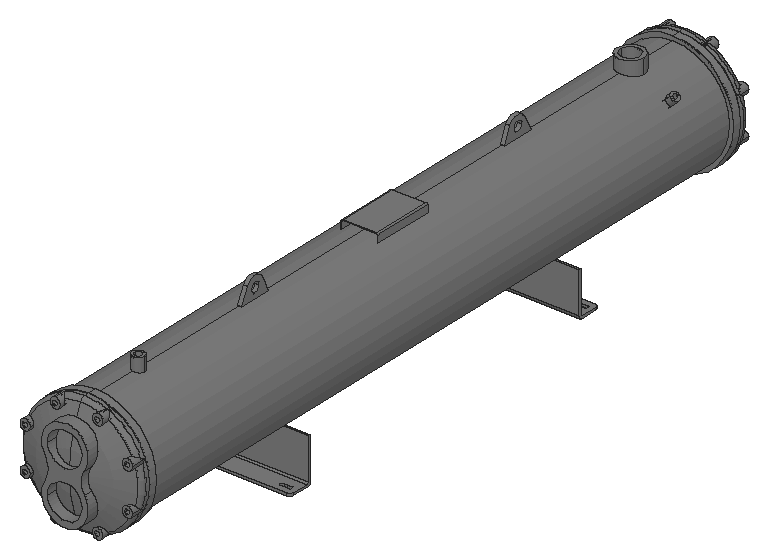
Revit family "MIT-BC_400_4P", category Specialty Equipment, Revit 2022
Family settings
  Round Connector Dimension = Use Radius
  Part Type = Normal
  Work Plane-Based = No
  Always vertical = Yes
  Cut with Voids When Loaded = No
  Maintain Annotation Orientation = No
  Shared = No
  Room Calculation Point = No
Parameters
  URL = "https://en.ekinendustriyel.com/evaporators-and-condensers"
  Test Pressure = 64.35 bar
  Production Standard = "TS EN 13831"
  Operating Pressure = 45.0 bar
  Model = "MIT-BC 400_4P"
  Manufacturer = "Ekin Endüstriyel"
  Keynote = "Condensers"
  Description = "MIT- Condensers"
  Default Elevation = 0 mm
Reference planes
  plane 1 "Center (Front/Back)": y = 0
  plane 2: z = 0
  plane 3 "Center (Left/Right)": x = 0
Forms (mm)
  Extrusion 1, solid, material "Ekin Endustriyel-S235JR", detail levels medium+fine
    sketch origin (0, 0, 0) x (1, 0, 0) y (0, 0, 1)
      loop
        circle (0, 216.5) r 136.55
    from -880 to 880
  Extrusion 2, solid, material "Ekin Endustriyel-S235JR", detail levels fine
    sketch origin (0, 0, 109.887) x (1, 0, 0) y (0, 0, 1)
      loop
        line (-45, 235.88) -> (-44, 235.88) -> (-44, 252.88)
        arc (-44, 252.88) -> (-43.414, 254.294) -> (-42, 254.88) r 2
        line (-42, 254.88) -> (42, 254.88)
        arc (42, 254.88) -> (43.414, 254.294) -> (44, 252.88) r 2
        line (44, 252.88) -> (44, 235.88) -> (45, 235.88) -> (45, 252.88)
        arc (45, 252.88) -> (44.121, 255.002) -> (42, 255.88) r 3
        line (42, 255.88) -> (-42, 255.88)
        arc (-42, 255.88) -> (-44.121, 255.002) -> (-45, 252.88) r 3
        line (-45, 252.88) -> (-45, 235.88)
    from -75 to 75
  Extrusion 3, solid, material "Ekin Endustriyel-S235JR", detail levels fine
    sketch origin (0, 500.19, 28.671) x (1, 0, 0) y (0, 1, 0)
      loop
        circle (0, 249.81) r 32.5
      loop
        circle (0, 249.81) r 23.144
    from 354.329 to 306.293
  Extrusion 4, solid, material "Ekin Endustriyel-S235JR", detail levels fine
    sketch origin (0, -499.666, 25.55) x (1, 0, 0) y (0, 1, 0)
      loop
        circle (0, -250.334) r 15
      loop
        circle (0, -250.334) r 8.928
    from 357.653 to 211.07
  Extrusion 5, solid, material "Ekin Endustriyel-S235JR", detail levels fine
    sketch origin (71.72, 749.856, 264.541) x (0, 1, 0) y (-0.707107, 0, 0.707107)
      loop
        circle (0.144, 16.744) r 11
      loop
        circle (0.144, 16.744) r 6.244
    from 69.372 to -32.02
  Extrusion 6, solid, material "Ekin Endustriyel-S235JR", detail levels fine
    sketch origin (0, -500.291, 0) x (1, 0, 0) y (0, 1, 0)
      loop
        circle (0, -249.709) r 25
      loop
        circle (0, -249.709) r 20.109
    from 50 to 169.15
  Extrusion 7, solid, material "Ekin Endustriyel-S235JR", detail levels coarse
    sketch origin (0, 0, 12.15) x (1, 0, 0) y (0, 0, 1)
      loop
        circle (0, 204.35) r 147.5
    from -953 to 963
  Extrusion 8, solid, material "Ekin Endustriyel-S235JR"
    sketch origin (0, -275.334, 0) x (0, -1, 0) y (0, 0, -1)
      loop
        line (134.666, -9) -> (134.666, -110) -> (139.666, -110) -> (139.666, -9)
        arc (139.666, -9) -> (140.837, -6.172) -> (143.666, -5) r 4
        line (143.666, -5) -> (194.666, -5) -> (194.666, 0) -> (143.666, 0)
        arc (143.666, 0) -> (137.302, -2.636) -> (134.666, -9) r 9
    from -147.5 to 147.5
  Extrusion 9, void
    sketch origin (0, -470, 5) x (0, 1, 0) y (-1, 0, 0)
      loop
        arc (25.25, -111) -> (20, -105.75) -> (14.75, -111) r 5.25
        line (14.75, -111) -> (14.75, -131)
        arc (14.75, -131) -> (20, -136.25) -> (25.25, -131) r 5.25
        line (25.25, -131) -> (25.25, -111)
      loop
        arc (10, -147.5) -> (2.929, -144.571) -> (0, -137.5) r 10
        line (0, -137.5) -> (0, 137.5)
        arc (0, 137.5) -> (2.929, 144.571) -> (10, 147.5) r 10
        line (10, 147.5) -> (-10, 147.5) -> (-10, -147.5) -> (10, -147.5)
      loop
        line (14.75, 131) -> (14.75, 111)
        arc (14.75, 111) -> (20, 105.75) -> (25.25, 111) r 5.25
        line (25.25, 111) -> (25.25, 131)
        arc (25.25, 131) -> (20, 136.25) -> (14.75, 131) r 5.25
    from -5 to 0
  Extrusion 10, solid, material "Ekin Endustriyel-S235JR", detail levels medium+fine
    sketch origin (40, -549.666, 12.133) x (1, 0, 0) y (0, 0, 1)
      loop
        circle (-40, 261.867) r 42.65
      loop
        circle (-40, 146.867) r 42.65
      loop
        arc (7.514, 231.018) -> (-40, 318.517) -> (-87.514, 231.018) r 56.65
        arc (-87.514, 231.018) -> (-80.172, 204.367) -> (-87.514, 177.716) r 52.041
        arc (-87.514, 177.716) -> (-40, 90.217) -> (7.514, 177.716) r 56.65
        arc (7.514, 177.716) -> (0.172, 204.367) -> (7.514, 231.018) r 52.041
    from 390.526 to 423.361
  Extrusion 11, solid, material "Ekin Endustriyel-S235JR", detail levels medium+fine
    sketch origin (0, -549.666, 12.133) x (1, 0, 0) y (0, 0, -1)
      loop
        circle (-51.638, -329.097) r 12.5
      loop
        circle (-51.662, -329.09) r 6.25
      loop
        circle (51.638, -329.097) r 12.5
      loop
        circle (51.662, -329.09) r 6.25
      loop
        circle (-51.638, -79.637) r 12.5
      loop
        circle (-51.662, -79.643) r 6.25
      loop
        circle (51.638, -79.637) r 12.5
      loop
        circle (51.662, -79.643) r 6.25
      loop
        circle (-124.73, -152.728) r 12.5
      loop
        circle (-124.724, -152.704) r 6.25
      loop
        circle (-124.73, -256.005) r 12.5
      loop
        circle (-124.724, -256.029) r 6.25
      loop
        circle (124.73, -152.728) r 12.5
      loop
        circle (124.724, -152.704) r 6.25
      loop
        circle (124.73, -256.005) r 12.5
      loop
        circle (124.724, -256.029) r 6.25
    from -388.334 to -355.334
  Extrusion 12, solid, material "Ekin Endustriyel-S235JR", detail levels fine
    sketch origin (0, -0.334, 79.238) x (0, -1, 0) y (0, 0, -1)
      loop
        line (-440.334, -273.721) -> (-422.806, -309.676)
        arc (-422.806, -309.676) -> (-400.334, -323.721) -> (-377.863, -309.676) r 25
        line (-377.863, -309.676) -> (-360.334, -273.721) -> (-440.334, -273.721)
      loop
        circle (-400.334, -298.721) r 12.5
      loop
        line (439.666, -273.721) -> (359.666, -273.721) -> (377.194, -309.676)
        arc (377.194, -309.676) -> (399.666, -323.721) -> (422.137, -309.676) r 25
        line (422.137, -309.676) -> (439.666, -273.721)
      loop
        circle (399.666, -298.721) r 12.5
    from -5 to 5
  Extrusion 13, solid, material "Ekin Endustriyel-S235JR", detail levels medium+fine
    sketch origin (0, -549.666, 12.133) x (1, 0, 0) y (0, 0, 1)
      loop
        circle (0, 204.367) r 147.5
    from 330.334 to 350.334
  Revolve 14, solid, material "Ekin Endustriyel-S235JR", detail levels medium+fine
    sketch origin (0, -549.666, 12.133) x (0, 1, 0) y (0, 0, 1)
      loop
        line (-350.334, 351.867) -> (-361.403, 351.867)
        arc (-361.403, 351.867) -> (-369.114, 349.693) -> (-374.553, 343.811) r 14.761
        arc (-374.553, 343.811) -> (-399.668, 276.073) -> (-408.463, 204.367) r 310.769
        line (-408.463, 204.367) -> (-350.334, 204.367) -> (-350.334, 351.867)
      axis (-350.334, 204.367) -> (-408.463, 204.367)
    angle from 0 to 360
  Extrusion 15, solid, material "Ekin Endustriyel-S235JR"
    sketch origin (0, 275.334, 0) x (0, 1, 0) y (0, 0, 1)
      loop
        arc (134.666, 9) -> (137.302, 2.636) -> (143.666, 0) r 9
        line (143.666, 0) -> (194.666, 0) -> (194.666, 5) -> (143.666, 5)
        arc (143.666, 5) -> (140.837, 6.172) -> (139.666, 9) r 4
        line (139.666, 9) -> (139.666, 110) -> (134.666, 110) -> (134.666, 9)
    from -147.5 to 147.5
  Extrusion 16, void
    sketch origin (0, 470, 5) x (0, -1, 0) y (1, 0, 0)
      loop
        line (25.25, 111) -> (25.25, 131)
        arc (25.25, 131) -> (20, 136.25) -> (14.75, 131) r 5.25
        line (14.75, 131) -> (14.75, 111)
        arc (14.75, 111) -> (20, 105.75) -> (25.25, 111) r 5.25
      loop
        line (10, 147.5) -> (-10, 147.5) -> (-10, -147.5) -> (10, -147.5)
        arc (10, -147.5) -> (2.929, -144.571) -> (0, -137.5) r 10
        line (0, -137.5) -> (0, 137.5)
        arc (0, 137.5) -> (2.929, 144.571) -> (10, 147.5) r 10
      loop
        arc (14.75, -131) -> (20, -136.25) -> (25.25, -131) r 5.25
        line (25.25, -131) -> (25.25, -111)
        arc (25.25, -111) -> (20, -105.75) -> (14.75, -111) r 5.25
        line (14.75, -111) -> (14.75, -131)
    from -5 to 0
  Extrusion 17, solid, material "Ekin Endustriyel-S235JR", detail levels medium+fine
    sketch origin (0, 549.666, 12.133) x (1, 0, 0) y (0, 0, 1)
      loop
        circle (-51.638, 329.097) r 12.5
      loop
        circle (-51.662, 329.09) r 6.25
      loop
        circle (51.638, 329.097) r 12.5
      loop
        circle (51.662, 329.09) r 6.25
      loop
        circle (-51.638, 79.637) r 12.5
      loop
        circle (-51.662, 79.643) r 6.25
      loop
        circle (51.638, 79.637) r 12.5
      loop
        circle (51.662, 79.643) r 6.25
      loop
        circle (-124.73, 152.728) r 12.5
      loop
        circle (-124.724, 152.704) r 6.25
      loop
        circle (-124.73, 256.005) r 12.5
      loop
        circle (-124.724, 256.029) r 6.25
      loop
        circle (124.73, 152.728) r 12.5
      loop
        circle (124.724, 152.704) r 6.25
      loop
        circle (124.73, 256.005) r 12.5
      loop
        circle (124.724, 256.029) r 6.25
    from -388.334 to -355.334
  Extrusion 18, solid, material "Ekin Endustriyel-S235JR", detail levels medium+fine
    sketch origin (0, 549.666, 12.133) x (1, 0, 0) y (0, 0, -1)
      loop
        circle (0, -204.367) r 147.5
    from 330.334 to 350.334
  Revolve 19, solid, material "Ekin Endustriyel-S235JR", detail levels medium+fine
    sketch origin (0, 549.666, 12.133) x (0, -1, 0) y (0, 0, -1)
      loop
        line (-350.334, -351.867) -> (-350.334, -204.367) -> (-408.463, -204.367)
        arc (-408.463, -204.367) -> (-399.668, -276.073) -> (-374.553, -343.811) r 310.769
        arc (-374.553, -343.811) -> (-369.114, -349.693) -> (-361.403, -351.867) r 14.761
        line (-361.403, -351.867) -> (-350.334, -351.867)
      axis (-350.334, -204.367) -> (-408.463, -204.367)
    angle from 0 to 360
Cuts and joins
  Extrusion 9, Extrusion 16 cuts Extrusion 8
  Extrusion 16 cuts Extrusion 15
Dimensions and locks
  aligned and locked: level to plane 2
Connectors
  piping at (0, -973.026, 274), diameter 76.2
    settings: on Extrusion 10, index 1, connector inside diameter 609.6 mm, connector length 0 mm, flow factor 0, pipe flow 0.0 L/s, pressure drop 0.0 Pa, fitting loss kfactor 0, connector angle 0.00°, fixture units 0, engagement length 0 mm, angle of deflection 0.00°, flow configuration 0, flow direction 1, fitting loss method 0, system type 7, joint type 0, gender type 0, connector reference index -1, connector utility 0, adjustable connector no, is connector primary yes, connector description ""
  piping at (0, -973.026, 159), diameter 76.2
    settings: on Extrusion 10, index 2, connector inside diameter 609.6 mm, connector length 0 mm, flow factor 0, pipe flow 0.0 L/s, pressure drop 0.0 Pa, fitting loss kfactor 0, connector angle 0.00°, fixture units 0, engagement length 0 mm, angle of deflection 0.00°, flow configuration 0, flow direction 2, fitting loss method 0, system type 7, joint type 0, gender type 0, connector reference index -1, connector utility 0, adjustable connector no, is connector primary no, connector description ""
  hvac at (0, 750, 383)
    settings: on Extrusion 3, index 3, duct flow 0.0 L/s, flow factor 0, pres drop 0.0 bar, loss coef 0, conn angle 0.00°, conn width 304.8 mm, conn height 304.8 mm, conn diameter 54 mm, duct sys type 3, conn prof type 0, flow config 0, flow direction 0, loss method 0, conn ref index -1, conn util no, is conn primary yes, conn desc ""
  hvac at (0, -750, 50)
    settings: on Extrusion 6, index 4, duct flow 0.0 L/s, flow factor 0, pres drop 0.0 bar, loss coef 0, conn angle 0.00°, conn width 304.8 mm, conn height 304.8 mm, conn diameter 42 mm, duct sys type 3, conn prof type 0, flow config 0, flow direction 0, loss method 0, conn ref index -1, conn util no, is conn primary no, conn desc ""
